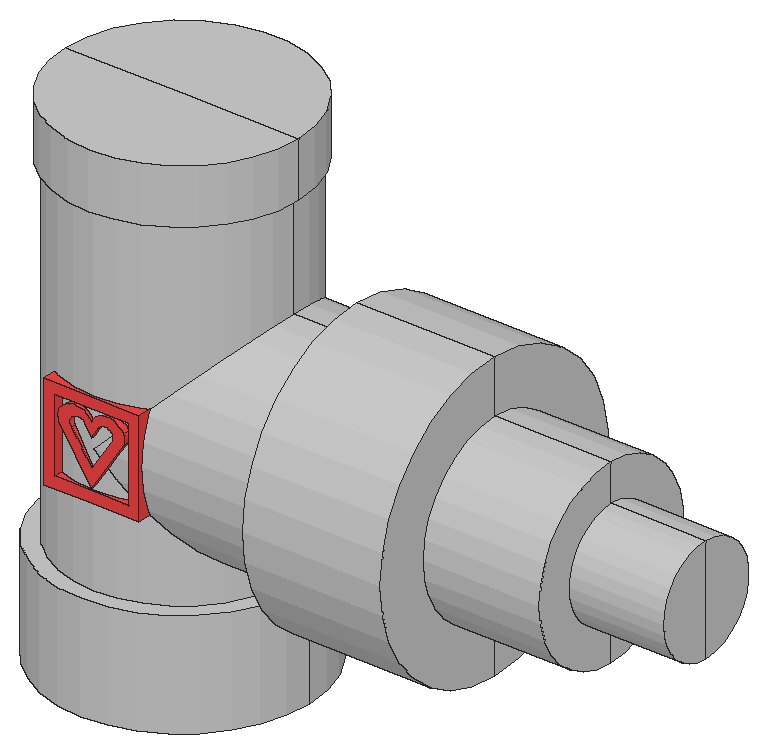
Revit family "RL-1 Rücklaufventil Eck 3724", category Rohrzubehör, Revit 2019
Family settings
  Bemaßung runder Anschluss = Durchmesser verwenden
  Teiletyp = Unterbricht
  OmniClass-Nummer = 23.65.55.14
  OmniClass-Titel = Valves for Liquid Services
  Arbeitsebenenbasiert = Nein
  Immer vertikal = Nein
  Beim Laden mit Abzugskörper schneiden = Nein
  Gemeinsam genutzt = Nein
Parameters
  URL = "www.herz-armaturen.at"
  SCRNSEQ = "ARM;ARM_TYP=\"ALLF\";2"
  SCRNCODE = "05;01;02"  # constant formula
  S04 = 45.000 mm  # constant formula
  S03 [instance] = H02 - 5.000 mm + 41.000 mm  # 60.500 mm
  S02 [instance] = L04 + L03 - L02  # 25.500 mm
  S01 = 10.000 mm  # constant formula
  R06 = 11.000 mm  # constant formula
  Nennweite [instance] = 10.000 mm
  Medium = "Heizwasserqualität entsprechend ÖNORM H 5195 bzw. VDI-Richtllinie 2035."
  Max.Betriebstemperatur = 120 °C  # constant formula
  Max.Betriebsdruck = 1000000.0 Pa  # constant formula
  LO1 [instance] = R01 - 0.500 mm  # 10.000 mm
  L04 [instance] = size_lookup("3724_1_", "L4", 1.000 mm, Nennweite)  # 20.000 mm
  L03 [instance] = size_lookup("3724_1_", "L3", 1.000 mm, Nennweite)  # 13.000 mm
  L02 [instance] = size_lookup("3724_1_", "L2", 1.000 mm, Nennweite)  # 7.500 mm
  L01 [instance] = size_lookup("3724_1_", "L1", 1.000 mm, Nennweite)  # 24.000 mm
  Hersteller = "HERZ Armaturen Ges.m.b.H."  # constant formula
  H05 = 5.200 mm  # constant formula
  H04 = 25.500 mm  # constant formula
  H03 [instance] = size_lookup("3724_1_", "H3", 1.000 mm, Nennweite)  # 10.000 mm
  H02 [instance] = 24.500 mm  # constant formula
  H01 [instance] = size_lookup("3724_1_", "H1", 1.000 mm, Nennweite)  # 22.000 mm
  Gehäuse = "vernickeltes Messing"  # constant formula
  GT1 [instance] = size_lookup("3724_1_", "GT1", 1.000 mm, Nennweite)  # 9.000 mm
  GT [instance] = size_lookup("3724_1_", "GT", 1.000 mm, Nennweite)  # 9.500 mm
  G2 [instance] = Nennweite / 2  # 5.000 mm
  G1 [instance] = Nennweite / 2  # 5.000 mm
  R01 = 10.500 mm  # constant formula
  D05 [instance] = size_lookup("3724_1_", "D5", 1.000 mm, Nennweite)  # 8.500 mm
  D04 [instance] = size_lookup("3724_1_", "D4", 1.000 mm, Nennweite)  # 13.500 mm
  D03 [instance] = R01  # 10.500 mm
  D02 [instance] = size_lookup("3724_1_", "D2", 1.000 mm, Nennweite)  # 7.940 mm
  D01 [instance] = size_lookup("3724_1_", "D1", 1.000 mm, Nennweite)  # 12.000 mm
  Bestellnummer [instance] = size_lookup("3724_1_", "Artnr", 0, Nennweite)  # 1372440
  Ausführungen = "Alle Modelle werden in vernickelter Ausführung geliefert und sind Universalmodelle mit Spezialmuffe für\r\nGewinderohr und Klemmsetanschluß."
  Anwendungsgebiet = "Warmwasserheizungsanlagen.\r\nDurch Einbau des Rücklaufventils ist der Heizkörper-Rücklaufanschluß absperrbar.\r\nDadurch kann bei gleichzeitiger Absperrung des Vorlaufventils der Heizkörper bei unter Druck stehender Anlage demontiert werden.\r\nEs ist dann möglich, Servicearbeiten oder Arbeiten an der Wand hinter dem Heizkörper (Tapezierung, Verfl iesung) durchzuführen, ohne die übrige Anlage stillsetzen zu müssen.\r\nIst eine Voreinstellung des Rücklaufventils oder Füllen und Entleeren von Heizkörper oder Anlage über das Rücklaufventil gefordert, wird der Einbau des Rücklaufventils HERZ-RL-5 empfohlen."
Reference planes
  plane 1 "Mitte (Vorne/hinten)": y = 0
  plane 2: z = 0
  plane 3 "Mitte (Links/rechts)": x = 0
Forms (mm)
  Revolve 1, solid, material "Messing, weicher Gelbton, geschweißt", detail levels fine
    sketch origin (0, 0, 0) x (1, 0, 0) y (0, 0, 1)
      loop
        line (0, 24.5) -> (-10.5, 24.5) -> (-10.5, -12) -> (-12, -12) -> (-12, -22) -> (-5, -22) -> (-5, -12.5) -> (0, -12.5) -> (0, 24.5)
      axis (0, 24.5) -> (0, -22)
    angle from 0 to 360
  Revolve 2, solid, material "Messing, weicher Gelbton, geschweißt", detail levels fine
    sketch origin (0, 0, 0) x (1, 0, 0) y (0, 0, 1)
      loop
        line (0, 0) -> (24, 0) -> (24, 7.94) -> (16.5, 7.94) -> (16.5, 10.5) -> (0, 10.5) -> (0, 0)
      axis (0, 0) -> (24, 0)
    angle from 0 to 360
  Revolve 3, solid, material "Messing, weicher Gelbton, geschweißt", detail levels fine
    sketch origin (-1, 0, 0) x (1, 0, 0) y (0, 0, 1)
      loop
        line (25, 0) -> (50.5, 0) -> (50.5, 5) -> (41.5, 5) -> (41.5, 8.5) -> (30.5, 8.5) -> (30.5, 13.5) -> (17.5, 13.5) -> (17.5, 7.94) -> (25, 7.94) -> (25, 0)
      axis (17.5, 0) -> (50.5, 0)
    angle from 0 to 360
  Revolve 4, solid, material "Messing, weicher Gelbton, geschweißt", detail levels fine
    sketch origin (0, 0, 0) x (1, 0, 0) y (0, 0, 1)
      loop
        line (0, 20.3) -> (11, 20.3) -> (11, 25.5) -> (0, 25.5) -> (0, 20.3)
      axis (0, 25.5) -> (0, 20.3)
    angle from 0 to 360
Lines and regions (mm)
  model lines, detail levels coarse+medium
    curve 1: line (0, 0, 0) -> (12, 0, -22)
    curve 2: line (12, 0, -22) -> (-12, 0, -22)
    curve 3: line (-12, 0, -22) -> (0, 0, 0)
    curve 4: line (0, 0, 0) -> (24, 0, 13.5)
    curve 5: line (24, 0, 13.5) -> (24, 0, -13.5)
    curve 6: line (24, 0, -13.5) -> (0, 0, 0)
    curve 7: line (24, 0, 13.5) -> (34, 0, 13.5)
    curve 8: line (34, 0, 13.5) -> (24, 0, 0)
    curve 9: line (24, 0, -13.5) -> (34, 0, -13.5)
    curve 10: line (34, 0, -13.5) -> (24, 0, 0)
    curve 11: line (24, 0, 0) -> (49.5, 0, 0)
    curve 12: line (0, 0, 0) -> (12, -22, 0)
    curve 13: line (12, -22, 0) -> (-12, -22, 0)
    curve 14: line (-12, -22, 0) -> (0, 0, 0)
    curve 15: line (0, 0, 0) -> (24, 13.5, 0)
    curve 16: line (24, 13.5, 0) -> (24, -13.5, 0)
    curve 17: line (24, -13.5, 0) -> (0, 0, 0)
    curve 18: line (24, 13.5, 0) -> (34, 13.5, 0)
    curve 19: line (34, 13.5, 0) -> (24, 0, 0)
    curve 20: line (24, -13.5, 0) -> (34, -13.5, 0)
    curve 21: line (24, 0, 0) -> (34, -13.5, 0)
Dimensions and locks
  "H02": Revolve 1 sketch curve to plane 2
  "H01": plane 2 to Revolve 1 sketch curve
  "R01": Revolve 1 sketch curve to Revolve 1 sketch curve
  "G1": Revolve 1 sketch curve to Revolve 1 sketch curve
  "D01": Revolve 1 sketch curve to Revolve 1 sketch curve
  "GT": Revolve 1 sketch curve to Revolve 1 sketch curve
  "H03": Revolve 1 sketch curve to Revolve 1 sketch curve
  "D02": Revolve 2 sketch curve to Revolve 2 sketch curve
  "D03": Revolve 2 sketch curve to Revolve 2 sketch curve
  "L01": Revolve 2 sketch curve to Revolve 2 sketch curve
  "L02": Revolve 2 sketch curve to Revolve 2 sketch curve
  "LO1": nested 1 to plane 1 "Mitte (Vorne/hinten)"
  "L02": Revolve 3 sketch curve to Revolve 3 sketch curve
  "L03": Revolve 3 sketch curve to Revolve 3 sketch curve
  "L04": Revolve 3 sketch curve to Revolve 3 sketch curve
  "D04": Revolve 3 sketch curve to Revolve 3 sketch curve
  "G2": Revolve 3 sketch curve to Revolve 3 sketch curve
  "D05": Revolve 3 sketch curve to Revolve 3 sketch curve
  "GT1": Revolve 3 sketch curve to Revolve 3 sketch curve
  "L01": plane 3 "Mitte (Links/rechts)" to Revolve 3 sketch curve
  "D02": Revolve 3 sketch curve to plane 2
  "H01": plane 2 to curve 2
  "L01": curve 5 to plane 3 "Mitte (Links/rechts)"
  "D01": curve 2 to plane 3 "Mitte (Links/rechts)" to curve 3
  "D04": curve 5 to plane 2 to curve 6
  "S01": curve 5 to curve 8
  "S01": curve 5 to curve 10
  "S02": curve 11 to curve 11
  "H01": curve 13 to plane 1 "Mitte (Vorne/hinten)"
  "D01": curve 14 to plane 3 "Mitte (Links/rechts)" to curve 13
  "L01": plane 3 "Mitte (Links/rechts)" to curve 16
  "D04": curve 17 to plane 1 "Mitte (Vorne/hinten)" to curve 16
  "S01": curve 16 to curve 19
  "S01": curve 16 to curve 21
  "R06": Revolve 4 sketch curve to Revolve 4 sketch curve
  "H04": Revolve 4 sketch curve to plane 2
  "H05": Revolve 4 sketch curve to Revolve 4 sketch curve
  aligned and locked: level to plane 2
Automatic sketch dimensions
  curve 4 to level = 0.000 mm
  curve 4 to plane 3 "Mitte (Links/rechts)" = 0.000 mm
  curve 11 to level = 0.000 mm
  curve 8 to level = 0.000 mm
  plane 1 "Mitte (Vorne/hinten)" to curve 14 = 0.000 mm
  curve 14 to plane 3 "Mitte (Links/rechts)" = 0.000 mm
  plane 1 "Mitte (Vorne/hinten)" to curve 19 = 0.000 mm
  Revolve 1 sketch curve to plane 3 "Mitte (Links/rechts)" = 0.000 mm  (x2)
  Revolve 1 sketch curve to Revolve 1 sketch curve = 345.545 mm
  Revolve 1 sketch curve to Revolve 1 sketch curve = 2189.815 mm
  Revolve 2 sketch curve to level = 0.000 mm  (x2)
  Revolve 2 sketch curve to plane 3 "Mitte (Links/rechts)" = 0.000 mm
  Revolve 2 sketch curve to plane 3 "Mitte (Links/rechts)" = 1506.530 mm
  Revolve 2 sketch curve to Revolve 2 sketch curve = 1815.148 mm
  Revolve 3 sketch curve to level = 0.000 mm  (x2)
  Revolve 3 sketch curve to plane 3 "Mitte (Links/rechts)" = 1507.530 mm
  Revolve 3 sketch curve to Revolve 3 sketch curve = 1789.648 mm
  Revolve 4 sketch curve to plane 3 "Mitte (Links/rechts)" = 0.000 mm  (x2)
  Revolve 4 sketch curve to level = 366.045 mm
  Revolve 4 sketch curve to Revolve 4 sketch curve = 2190.315 mm
Nested families
  nested 1: "Herz-Logo-vorne" at (0, -10, 0) x (0, -1, 0) z (0, 0, 1), type "Herz-Logo-vorne", detail levels fine
Connectors
  piping at (0, 0, -12.5), diameter 10, driven by "Nennweite"
    settings: on Revolve 1, index 1, connector inside diameter 609.6 mm, connector length 0.000 mm, flow factor 0, pipe flow 0.0 L/s, pressure drop 0.0 Pa, fitting loss kfactor 0, connector angle 0.00°, fixture units 0, engagement length 0.000 mm, angle of deflection 0.00°, flow configuration 0, flow direction 1, fitting loss method 0, system type 8, joint type 0, gender type 0, connector reference index -1, connector utility 0, adjustable connector no, is connector primary yes, connector description ""
  piping at (49.5, 0, 0), diameter 10, driven by "Nennweite"
    settings: on Revolve 3, index 2, connector inside diameter 609.6 mm, connector length 0.000 mm, flow factor 0, pipe flow 0.0 L/s, pressure drop 0.0 Pa, fitting loss kfactor 0, connector angle 0.00°, fixture units 0, engagement length 0.000 mm, angle of deflection 0.00°, flow configuration 0, flow direction 2, fitting loss method 0, system type 8, joint type 0, gender type 0, connector reference index -1, connector utility 0, adjustable connector no, is connector primary no, connector description ""
Definition of nested family "Herz-Logo-vorne"
  Reference planes
    plane 1 "Mitte (Vorne/hinten)": y = 0
    plane 2: z = 0
    plane 3 "Mitte (Links/rechts)": x = 0
  Forms (mm)
    Extrusion 1, solid
      sketch origin (0.732, -0.018, 0.017) x (0, -1, 0) y (0, 0, 1)
        loop
          line (-0.018, -4.517) -> (4.482, -4.517) -> (4.482, 4.483) -> (-4.518, 4.483) -> (-4.518, -4.517) -> (-0.018, -4.517)
        loop
          line (-0.05, -3.48) -> (3.482, -3.48) -> (3.482, 3.483) -> (-3.518, 3.483) -> (-3.518, -3.48) -> (-0.05, -3.48)
        loop
          arc (-0.018, 2.383) -> (-1.543, 3.287) -> (-3.067, 2.383) r 1.738
          arc (-3.067, 2.383) -> (-3.191, 1.899) -> (-3.067, 1.415) r 1.009
          line (-3.067, 1.415) -> (-0.018, -3.281) -> (3.032, 1.415)
          arc (3.032, 1.415) -> (3.156, 1.899) -> (3.032, 2.383) r 1.009
          arc (3.032, 2.383) -> (1.507, 3.287) -> (-0.018, 2.383) r 1.738
        loop
          arc (1.885, 1.272) -> (2.005, 1.675) -> (1.885, 2.079) r 0.74
          arc (1.885, 2.079) -> (1.265, 2.416) -> (0.644, 2.079) r 0.74
          line (0.644, 2.079) -> (-0.018, 0.97) -> (-0.679, 2.079)
          arc (-0.679, 2.079) -> (-1.3, 2.416) -> (-1.921, 2.079) r 0.74
          arc (-1.921, 2.079) -> (-2.04, 1.675) -> (-1.921, 1.272) r 0.74
          line (-1.921, 1.272) -> (-0.018, -1.658) -> (1.885, 1.272)
      from 0 to 1.5
  Dimensions and locks
    aligned and locked: level to plane 2
